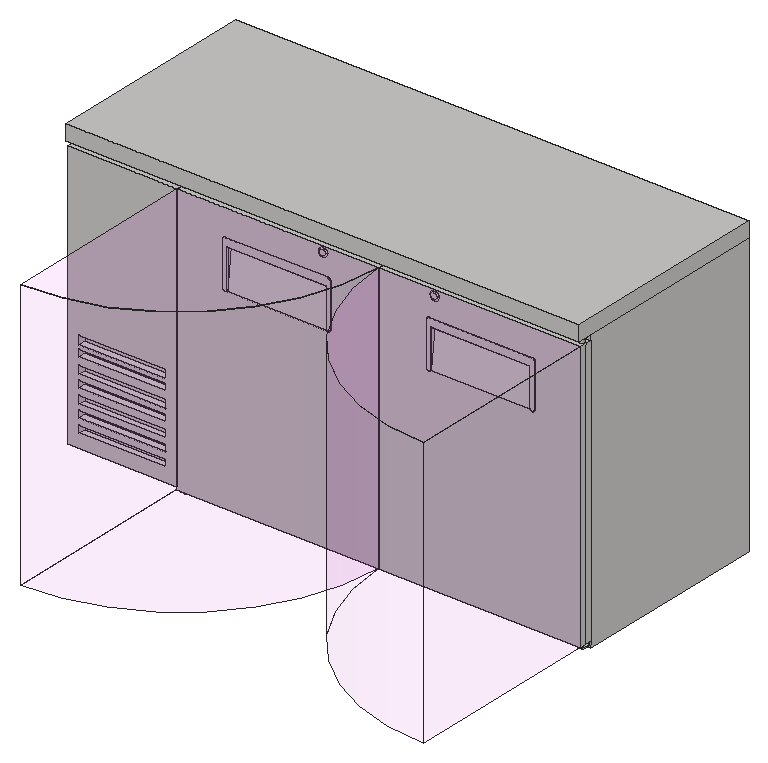
Revit family "QF_True_TBB24-60-2S-Z1-SFT-S-1_Solid_Swing_Door_Back_Bar", category Specialty Equipment, Revit 2021 (continued)
Definition of nested family "Family3"
  Definition of nested family "5 INCHES 01_CASTER 2"
    Forms (in)
      Extrusion 6, solid, visible <- "Key Locks"
        sketch origin (-0.96875, 2.04726, -0.57589) x (0, 1, 0) y (0, 0, -1)
          loop
            arc (-0.79652, -3.20306) -> (-0.67098, -3.20163) -> (-0.54633, -3.21661) r 0.9589
            line (-0.54633, -3.21661) -> (0.23309, -3.66661) -> (0.42979, -3.32592)
            arc (0.42979, -3.32592) -> (0.46473, -3.10362) -> (0.3415, -2.91533) r 0.313
            line (0.3415, -2.91533) -> (0.21087, -3.04595)
            arc (0.21087, -3.04595) -> (0.24081, -3.14321) -> (0.14284, -3.17074) r 0.07109
            line (0.14284, -3.17074) -> (-0.52795, -2.78336)
            arc (-0.52795, -2.78336) -> (-0.62217, -2.51108) -> (-0.36609, -2.37904) r 0.22
            arc (-0.36609, -2.37904) -> (-0.3435, -2.357) -> (-0.33862, -2.32583) r 0.05
            arc (-0.33862, -2.32583) -> (-0.50047, -2.10967) -> (-0.75504, -2.01961) r 0.46592
            line (-0.75504, -2.01961) -> (-1.49574, -2.01961)
            arc (-1.49574, -2.01961) -> (-1.57675, -2.00894) -> (-1.65224, -1.97767) r 0.313
            line (-1.65224, -1.97767) -> (-2.05389, -1.74578)
            arc (-2.05389, -1.74578) -> (-2.2914, -1.71451) -> (-2.48146, -1.86034) r 0.313
            line (-2.48146, -1.86034) -> (-2.58496, -2.03961)
        from 0 to 0.0625
      Extrusion 7, solid, visible <- "Key Locks"
        sketch origin (-0.96875, 2.04726, -0.57589) x (0, 1, 0) y (0, 0, -1)
          loop
            line (-0.45692, -2.6604) -> (0.47061, -3.19578)
            arc (0.47061, -3.19578) -> (0.44304, -3.03852) -> (0.3415, -2.91533) r 0.313
            line (0.3415, -2.91533) -> (-0.36656, -2.53415)
            arc (-0.36656, -2.53415) -> (-0.48136, -2.54745) -> (-0.45692, -2.6604) r 0.078
        from 0 to 0.5
      Extrusion 8, solid, visible <- "Key Locks"
        sketch origin (0.96875, 2.04726, -0.57589) x (0, 1, 0) y (0, 0, 1)
          loop
            line (-2.58496, 2.03961) -> (-2.48146, 1.86034)
            arc (-2.48146, 1.86034) -> (-2.2914, 1.71451) -> (-2.05389, 1.74578) r 0.313
            line (-2.05389, 1.74578) -> (-1.65224, 1.97767)
            arc (-1.65224, 1.97767) -> (-1.57675, 2.00894) -> (-1.49574, 2.01961) r 0.313
            line (-1.49574, 2.01961) -> (-0.75504, 2.01961)
            arc (-0.75504, 2.01961) -> (-0.50047, 2.10967) -> (-0.33862, 2.32583) r 0.46592
            arc (-0.33862, 2.32583) -> (-0.3435, 2.357) -> (-0.36609, 2.37904) r 0.05
            arc (-0.36609, 2.37904) -> (-0.62217, 2.51108) -> (-0.52795, 2.78336) r 0.22
            line (-0.52795, 2.78336) -> (0.14284, 3.17074)
            arc (0.14284, 3.17074) -> (0.24081, 3.14321) -> (0.21087, 3.04595) r 0.07109
            line (0.21087, 3.04595) -> (0.3415, 2.91533)
            arc (0.3415, 2.91533) -> (0.46473, 3.10362) -> (0.42979, 3.32592) r 0.313
            line (0.42979, 3.32592) -> (0.23309, 3.66661) -> (-0.54633, 3.21661)
            arc (-0.54633, 3.21661) -> (-0.67098, 3.20163) -> (-0.79652, 3.20306) r 0.9589
            arc (-0.79652, 3.20306) -> (-1.13602, 3.13035) -> (-1.38688, 2.89031) r 0.63657
            arc (-1.38688, 2.89031) -> (-1.45411, 2.76529) -> (-1.53273, 2.64711) r 1.51617
            line (-1.53273, 2.64711) -> (-1.89213, 2.43961) -> (-2.58496, 2.03961)
        from 0 to 0.0625
      Extrusion 9, solid, visible <- "Key Locks"
        sketch origin (0.96875, 2.04726, -0.57589) x (0, 1, 0) y (0, 0, 1)
          loop
            arc (-0.45692, 2.6604) -> (-0.48136, 2.54745) -> (-0.36656, 2.53415) r 0.078
            line (-0.36656, 2.53415) -> (0.3415, 2.91533)
            arc (0.3415, 2.91533) -> (0.44304, 3.03852) -> (0.47061, 3.19578) r 0.313
            line (0.47061, 3.19578) -> (-0.45692, 2.6604)
        from 0 to 0.5
    Cuts and joins
      joined: Extrusion 2, Extrusion 4, Extrusion 5
    Lines and regions (in)
      symbolic lines, visible <- "Show 5" Casters"
        curve 1: line (0.54262, 2.21348, 0) -> (1.50337, 1.65879, 0)
        curve 2: line (-1.45738, -1.25062, 0) -> (-0.70738, 0.04842, 0)
        curve 3: line (-0.49663, -1.80531, 0) -> (-1.45738, -1.25062, 0)
        curve 4: line (1.50337, 1.65879, 0) -> (0.75337, 0.35975, 0)
        curve 5: line (-0.20738, 0.91444, 0) -> (0.54262, 2.21348, 0)
        curve 6: line (0.25337, -0.50627, 0) -> (-0.49663, -1.80531, 0)
    Dimensions and locks (in)
      plane 4 "TOP" to level = 5"  (x2)
      aligned and locked: level to plane 1
  Definition of nested family "6 INCHES LEGS"
    Parameters (values of type "6 INCHES LEGS")
      Weight = ""
      URL Manufacturer = ""
      URL Cutsheet = ""
      URL = ""
      Type Mark [instance] = ""
      Status [instance] = ""
      Specification by User [instance] = ""
      Specification by Manufacturer = ""
      Show 6" Legs [instance] = yes
      Show Seismic Flanged [instance] = yes
      Serial Number = ""
      Seismic Rating = ""
      SMACNA No = ""
      Revision Code [instance] = ""
      Omniclass Number and Title = ""
      NAFEM Spec ID Number = ""
      Model = ""
      MasterSpec. = ""
      Manufacturer = ""
      Item Number [instance] = ""
      Installed By [instance] = ""
      Identify Quantity as Lot [instance] = yes
      Furnished By [instance] = ""
      Foodservice Equipment Identifier [instance] = yes
      Description = ""
      Default Elevation = 0"
      CSI MasterFormat = ""
      CSI Master Format = ""
      Assembly Code = ""
    Reference planes (in)
      plane 1: z = 0
      plane 2 "RIGHT": x = 0
      plane 3 "FRONT": y = 0
      plane 4 "TOP": z = 6
    Forms (in)
      Revolve 1, solid, visible <- "Show 6" Legs"
        sketch origin (11.12172, 0, 0) x (-1, 0, 0) y (0, 0, -1)
          loop
            line (11.12172, -6) -> (11.12172, 0) -> (10.62172, 0) -> (10.62172, -1.30261) -> (10.37172, -1.30261) -> (10.37172, -6) -> (11.12172, -6)
          axis (11.12172, 0) -> (11.12172, -6)
        angle from 0 to 360
      Extrusion 2, solid, visible <- "Show Seismic Flanged"
        sketch origin (0, 0, 0) x (1, 0, 0) y (0, 1, 0)
          loop
            circle (0, 0) r 1
        from 0 to 0.03125
    Dimensions and locks (in)
      plane 4 "TOP" to level = 6"  (x2)
      locked: Revolve 1 sketch curve to Revolve 1 sketch curve at 1.30261
      locked: Revolve 1 sketch curve to Revolve 1 sketch curve at 0.75
      aligned and locked: level to plane 1
  Definition of nested family "6 INCHES LEGS WITH FLANGED"
    Parameters (values of type "6 INCHES LEGS WITH FLANGED")
      Weight = ""
      URL Manufacturer = ""
      URL Cutsheet = ""
      URL = ""
      Type Mark [instance] = ""
      Status [instance] = ""
      Specification by User [instance] = ""
      Specification by Manufacturer = ""
      Show 6" Seismic Flanged [instance] = yes
      Serial Number = ""
      Seismic Rating = ""
      SMACNA No = ""
      Revision Code [instance] = ""
      Omniclass Number and Title = ""
      NAFEM Spec ID Number = ""
      Model = ""
      MasterSpec. = ""
      Manufacturer = ""
      Item Number [instance] = ""
      Installed By [instance] = ""
      Identify Quantity as Lot [instance] = yes
      Furnished By [instance] = ""
      Foodservice Equipment Identifier [instance] = yes
      Description = ""
      Default Elevation = 0"
      CSI MasterFormat = ""
      CSI Master Format = ""
      Assembly Code = ""
    Reference planes (in)
      plane 1: z = 0
      plane 2 "RIGHT": x = 0
      plane 3 "FRONT": y = 0
      plane 4 "TOP": z = 6
    Forms (in)
      Revolve 1, solid, visible <- "Show 6" Seismic Flanged"
        sketch origin (11.12172, 0, 0) x (-1, 0, 0) y (0, 0, -1)
          loop
            line (11.12172, -6) -> (11.12172, 0) -> (10.62172, 0) -> (10.62172, -1.30261) -> (10.37172, -1.30261) -> (10.37172, -6) -> (11.12172, -6)
          axis (11.12172, 0) -> (11.12172, -6)
        angle from 0 to 360
      Extrusion 2, solid, visible <- "Show 6" Seismic Flanged"
        sketch origin (0, 0, 0) x (1, 0, 0) y (0, 1, 0)
          loop
            circle (0, 0) r 1
        from 0 to 0.03125
    Dimensions and locks (in)
      plane 4 "TOP" to level = 6"  (x2)
      locked: Revolve 1 sketch curve to Revolve 1 sketch curve at 1.30261
      locked: Revolve 1 sketch curve to Revolve 1 sketch curve at 0.75
      aligned and locked: level to plane 1
